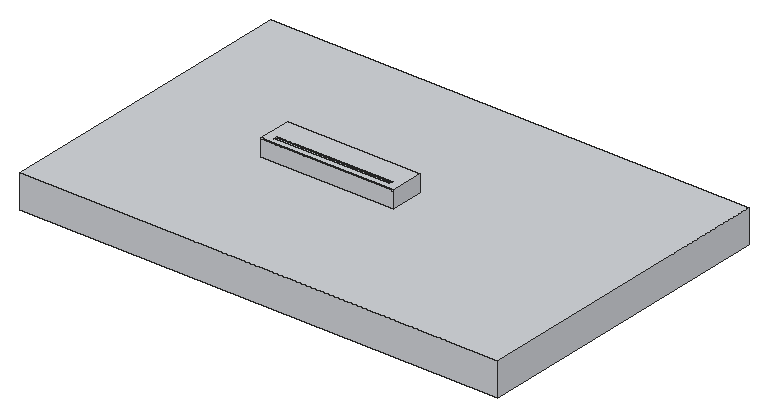
Revit family
Parameters
  Width = 1' - 0"
  URL = "www.coldspringgranite.com"
  TypicalJointSize = 0' - 0 1/4"
  StopCarborundumRight = 0' - 3"
  StopCarborundumLeft = 0' - 3"
  StoneMaterial = none
  SettingSpace = AirGap + Height  # 0' - 7 1/8"
  RightCarborundumVisibilityOn = not(RightCarborundumVisibilityOff)  # no
  RightCarborundumVisibilityOff = StopCarborundumRight > 0' 0"  # yes
  Product Name = "Stair Tread Stone for Cubic Application - Square Front Edge with One Carborundum Strip"
  Product Documentation Link = "http://www.coldspringgranite.com/BIM_Families/Family_Detail/Stair_Tread_Stone_for_Cubic_Application_–_Square_Front_Edge_with_One_Carborundum_Strip/"
  PhoneNumber = "800-551-7502"
  Notes = ""
  NosingRadius = 0' - 0 1/4"
  Model = "N/A"
  Manufacturer = "Cold Spring Granite Company"
  Low Emitting Material = yes
  Low Emitting Finish = yes
  Location = "17482 Granite West Road, Cold Spring, MN 56320-4578"
  Length = 4' - 0"
  LeftCarborundumVisibilityOff = StopCarborundumLeft > 0' 0"  # yes
  LEED Credit = ""
  Keynote = "096340"
  JointRightOff = no
  JointRight = if(JointRightOff, 0' 0", TypicalJointSize / 2)  # 0' - 0 1/8"
  JointLeftOff = no
  JointLeft = if(JointLeftOff, 0' 0", TypicalJointSize / 2)  # 0' - 0 1/8"
  Height = 0' - 6 1/8"
  HeadSize = 0' - 6"
  Description = "Stone Stair Tread Cubic Square Single Carborundum"
  Default Elevation = 0' - 0"
  CarborundumWidth = 0' - 1 1/2"
  LeftCarborundumVisibilityOn = not(LeftCarborundumVisibilityOff)  # no
  CarborundumSetBack = 0' - 2"
  CarborundumDepth = 0' - 0 1/4"
  BackJointWidth = 0' - 3"
  Assembly Code = "C2010100"
  AirGap = 0' - 1"
  ADA Compliant = yes
Reference planes (in)
  plane 1 "Center (Front/Back)": y = 0
  plane 2: z = 0
  plane 3 "Center (Left/Right)": x = 0
  plane 4 "StoneLeft": x = 0.125
  plane 5 "StoneRight": x = 47.875
  plane 6 "Right": x = 48
  plane 7 "CarborundumLeft": x = 3.125
  plane 8 "CarborundumRight": x = 44.875
  plane 9 "StoneBack": y = 12
  plane 10 "StoneFace": z = 7.125
  plane 11 "CarborundumBottom": z = 6.875
  plane 12 "HeadBottom": z = 1.125
  plane 13 "StoneBottom": z = 1
  plane 14 "CarborundumFront": y = 2
  plane 15 "CarborundumBack": y = 3.5
  plane 16 "BackJoint": y = 3
Forms (in)
  Extrusion 1, solid
    sketch origin (0, 0, 0) x (1, 0, 0) y (0, 1, 0)
      loop
        line (-48, 64.5) -> (-48, -48) -> (124.0595, -48) -> (124.0595, 64.5) -> (-48, 64.5)
    from 0 to -12
  Extrusion 2, solid, material <- "StoneMaterial", detail levels medium+fine
    sketch origin (0, 0, 0) x (0, 1, 0) y (0, 0, 1)
      loop
        line (12, 7.125) -> (0.25, 7.125)
        arc (0.25, 7.125) -> (0.07322, 7.05178) -> (0, 6.875) r 0.25
        line (0, 6.875) -> (0, 1) -> (12, 1) -> (12, 7.125)
    from 0.125 to 47.875
  Extrusion 3, void
    sketch origin (0, 0, 0) x (0, 1, 0) y (0, 0, 1)
      loop
        line (3.5, 7.125) -> (2, 7.125) -> (2, 6.875) -> (3.5, 6.875) -> (3.5, 7.125)
    from 3.125 to 44.875
  Extrusion 4, void
    sketch origin (0, 0, 0) x (0, 1, 0) y (0, 0, 1)
      loop
        line (3, 1.125) -> (0, 1.125) -> (0, 0) -> (3, 0) -> (3, 1.125)
    from 0.125 to 47.875
  Extrusion 5, solid, material <- "StoneMaterial", detail levels coarse
    sketch origin (0, 0, 0) x (0, 1, 0) y (0, 0, 1)
      loop
        line (12, 7.125) -> (0, 7.125) -> (0, 1) -> (12, 1) -> (12, 7.125)
    from 0 to 48
Cuts and joins
  Extrusion 3, Extrusion 4 cuts Extrusion 2
Lines and regions (in)
  Masking region 1, detail levels coarse
    outline origin (0, 0, 0) x (1, 0, 0) y (0, 1, 0)
      loop
        line (0, 12) -> (0, 0) -> (48, 0) -> (48, 12) -> (0, 12)
  Masking region 2, detail levels medium+fine
    outline origin (0, 0, 0) x (1, 0, 0) y (0, 1, 0)
      loop
        line (0.125, 12) -> (0.125, 0) -> (47.875, 0) -> (47.875, 12) -> (0.125, 12)
  Masking region 3, detail levels coarse
    outline origin (0, 0, 0) x (0, 1, 0) y (0, 0, 1)
      loop
        line (12, 7.125) -> (0, 7.125) -> (0, 1) -> (12, 1) -> (12, 7.125)
  Masking region 4, detail levels fine
    outline origin (0, 0, 0) x (0, 1, 0) y (0, 0, 1)
      loop
        line (12, 1) -> (12, 7.125) -> (3.5, 7.125) -> (3.5, 6.875) -> (2, 6.875) -> (2, 7.125) -> (0.25, 7.125)
        arc (0.25, 7.125) -> (0.07322, 7.05178) -> (0, 6.875) r 0.25
        line (0, 6.875) -> (0, 1.125) -> (3, 1.125) -> (3, 1) -> (12, 1)
  Masking region 5, detail levels coarse
    outline origin (0, 0, 0) x (1, 0, 0) y (0, 0, 1)
      loop
        line (0, 7.125) -> (0, 1) -> (48, 1) -> (48, 7.125) -> (0, 7.125)
  Masking region 6, detail levels medium+fine
    outline origin (0, 0, 0) x (1, 0, 0) y (0, 0, 1)
      loop
        line (0.125, 7.125) -> (0.125, 1.125) -> (47.875, 1.125) -> (47.875, 7.125) -> (0.125, 7.125)
  Masking region 7, visible <- "LeftCarborundumVisibilityOff", detail levels medium
    outline origin (0, 0, 0) x (0, 1, 0) y (0, 0, 1)
      loop
        line (12, 1) -> (12, 7.125) -> (0.25, 7.125)
        arc (0.25, 7.125) -> (0.07322, 7.05178) -> (0, 6.875) r 0.25
        line (0, 6.875) -> (0, 1.125) -> (3, 1.125) -> (3, 1) -> (12, 1)
  Masking region 8, visible <- "LeftCarborundumVisibilityOn", detail levels medium
    outline origin (0, 0, 0) x (0, 1, 0) y (0, 0, 1)
      loop
        line (12, 1) -> (12, 7.125) -> (3.5, 7.125) -> (3.5, 6.875) -> (2, 6.875) -> (2, 7.125) -> (0.25, 7.125)
        arc (0.25, 7.125) -> (0.07322, 7.05178) -> (0, 6.875) r 0.25
        line (0, 6.875) -> (0, 1.125) -> (3, 1.125) -> (3, 1) -> (12, 1)
  Masking region 9, visible <- "RightCarborundumVisibilityOn", detail levels medium
    outline origin (48, 0, 0) x (0, 1, 0) y (0, 0, 1)
      loop
        arc (0.25, 7.125) -> (0.07322, 7.05178) -> (0, 6.875) r 0.25
        line (0, 6.875) -> (0, 1.125) -> (3, 1.125) -> (3, 1) -> (12, 1) -> (12, 7.125) -> (3.5, 7.125) -> (3.5, 6.875) -> (2, 6.875) -> (2, 7.125) -> (0.25, 7.125)
  Masking region 10, visible <- "RightCarborundumVisibilityOff", detail levels medium
    outline origin (48, 0, 0) x (0, 1, 0) y (0, 0, 1)
      loop
        arc (0.25, 7.125) -> (0.07322, 7.05178) -> (0, 6.875) r 0.25
        line (0, 6.875) -> (0, 1.125) -> (3, 1.125) -> (3, 1) -> (12, 1) -> (12, 7.125) -> (0.25, 7.125)
  symbolic lines, detail levels medium+fine
    curve 1: line (3.125, 3.5, 0) -> (44.875, 3.5, 0)
    curve 2: line (3.125, 2, 0) -> (3.125, 3.5, 0)
    curve 3: line (44.875, 2, 0) -> (3.125, 2, 0)
    curve 4: line (44.875, 3.5, 0) -> (44.875, 2, 0)
Dimensions and locks (in)
  "Length": plane 3 "Center (Left/Right)" to plane 6 "Right"
  "JointLeft": plane 3 "Center (Left/Right)" to plane 4 "StoneLeft"
  "JointRight": plane 5 "StoneRight" to plane 6 "Right"
  "Width": plane 1 "Center (Front/Back)" to plane 9 "StoneBack"
  "StopCarborundumLeft": plane 7 "CarborundumLeft" to plane 4 "StoneLeft"
  "StopCarborundumRight": plane 5 "StoneRight" to plane 8 "CarborundumRight"
  "Height": plane 10 "StoneFace" to plane 13 "StoneBottom"
  "SettingSpace": plane 10 "StoneFace" to plane 2
  "CarborundumDepth": plane 10 "StoneFace" to plane 11 "CarborundumBottom"
  "CarborundumSetBack": plane 14 "CarborundumFront" to plane 1 "Center (Front/Back)"
  "CarborundumWidth": plane 15 "CarborundumBack" to plane 14 "CarborundumFront"
  "HeadSize": plane 10 "StoneFace" to plane 12 "HeadBottom"
  "BackJointWidth": plane 16 "BackJoint" to plane 1 "Center (Front/Back)"
  "NosingRadius": radius of Extrusion 2 sketch curve
  aligned and locked: Extrusion 1 to plane 2
  aligned and locked: level to Extrusion 1
  aligned and locked: Extrusion 2 sketch curve to plane 10 "StoneFace"
  aligned and locked: Extrusion 2 sketch curve to plane 9 "StoneBack"
  aligned and locked: plane 13 "StoneBottom" to Extrusion 2 sketch curve
  aligned and locked: Extrusion 2 sketch curve to plane 1 "Center (Front/Back)"
  aligned and locked: plane 5 "StoneRight" to Extrusion 2
  aligned and locked: Extrusion 2 to plane 4 "StoneLeft"
  aligned and locked: Extrusion 3 sketch curve to plane 10 "StoneFace"
  aligned and locked: Extrusion 3 sketch curve to plane 15 "CarborundumBack"
  aligned and locked: plane 11 "CarborundumBottom" to Extrusion 3 sketch curve
  aligned and locked: plane 14 "CarborundumFront" to Extrusion 3 sketch curve
  aligned: Extrusion 3 to plane 4 "StoneLeft"
  aligned: plane 6 "Right" to Extrusion 3
  aligned and locked: Extrusion 3 to plane 7 "CarborundumLeft"
  aligned and locked: plane 8 "CarborundumRight" to Extrusion 3
  aligned and locked: plane 16 "BackJoint" to Extrusion 4 sketch curve
  aligned and locked: plane 2 to Extrusion 4 sketch curve
  aligned and locked: Extrusion 4 sketch curve to plane 1 "Center (Front/Back)"
  aligned and locked: Extrusion 4 sketch curve to plane 12 "HeadBottom"
  aligned and locked: plane 5 "StoneRight" to Extrusion 4
  aligned and locked: Extrusion 4 to plane 4 "StoneLeft"
  aligned and locked: Extrusion 5 sketch curve to plane 10 "StoneFace"
  aligned and locked: Extrusion 5 sketch curve to plane 9 "StoneBack"
  aligned and locked: plane 13 "StoneBottom" to Extrusion 5 sketch curve
  aligned and locked: Extrusion 5 sketch curve to plane 1 "Center (Front/Back)"
  aligned and locked: plane 6 "Right" to Extrusion 5
  aligned and locked: Masking region 1 sketch curve to plane 9 "StoneBack"
  aligned and locked: plane 3 "Center (Left/Right)" to Masking region 1 sketch curve
  aligned and locked: Masking region 1 sketch curve to plane 1 "Center (Front/Back)"
  aligned and locked: Masking region 1 sketch curve to plane 6 "Right"
  aligned and locked: Masking region 2 sketch curve to plane 9 "StoneBack"
  aligned and locked: plane 4 "StoneLeft" to Masking region 2 sketch curve
  aligned and locked: Masking region 2 sketch curve to plane 5 "StoneRight"
  aligned and locked: Masking region 2 sketch curve to plane 1 "Center (Front/Back)"
  aligned and locked: curve 1 to plane 15 "CarborundumBack"
  aligned and locked: plane 7 "CarborundumLeft" to curve 2
  aligned and locked: curve 4 to plane 8 "CarborundumRight"
  aligned and locked: Masking region 3 sketch curve to plane 10 "StoneFace"
  aligned and locked: Masking region 3 sketch curve to plane 9 "StoneBack"
  aligned and locked: plane 13 "StoneBottom" to Masking region 3 sketch curve
  aligned and locked: Masking region 3 sketch curve to plane 1 "Center (Front/Back)"
  aligned and locked: plane 9 "StoneBack" to Masking region 4 sketch curve
  aligned and locked: plane 10 "StoneFace" to Masking region 4 sketch curve  (x2)
  aligned and locked: plane 12 "HeadBottom" to Masking region 4 sketch curve
  aligned and locked: plane 16 "BackJoint" to Masking region 4 sketch curve
  aligned and locked: plane 15 "CarborundumBack" to Masking region 4 sketch curve
  aligned and locked: plane 14 "CarborundumFront" to Masking region 4 sketch curve
  aligned and locked: plane 11 "CarborundumBottom" to Masking region 4 sketch curve
  aligned and locked: plane 13 "StoneBottom" to Masking region 4 sketch curve
  aligned and locked: Masking region 4 sketch curve to cut or joined group of Extrusion 2, Extrusion 3, Extrusion 4
  aligned and locked: plane 3 "Center (Left/Right)" to Masking region 5 sketch curve
  aligned and locked: Masking region 5 sketch curve to plane 10 "StoneFace"
  aligned and locked: Masking region 5 sketch curve to plane 6 "Right"
  aligned and locked: plane 13 "StoneBottom" to Masking region 5 sketch curve
  aligned and locked: plane 4 "StoneLeft" to Masking region 6 sketch curve
  aligned and locked: Masking region 6 sketch curve to plane 10 "StoneFace"
  aligned and locked: plane 12 "HeadBottom" to Masking region 6 sketch curve
  aligned and locked: Masking region 6 sketch curve to plane 5 "StoneRight"
  aligned and locked: plane 9 "StoneBack" to Masking region 7 sketch curve
  aligned and locked: plane 10 "StoneFace" to Masking region 7 sketch curve
  aligned and locked: Masking region 7 sketch curve to cut or joined group of Extrusion 2, Extrusion 3, Extrusion 4
  aligned and locked: plane 12 "HeadBottom" to Masking region 7 sketch curve
  aligned and locked: plane 16 "BackJoint" to Masking region 7 sketch curve
  aligned and locked: plane 13 "StoneBottom" to Masking region 7 sketch curve
  aligned and locked: plane 9 "StoneBack" to Masking region 8 sketch curve
  aligned and locked: plane 10 "StoneFace" to Masking region 8 sketch curve  (x2)
  aligned and locked: plane 15 "CarborundumBack" to Masking region 8 sketch curve
  aligned and locked: plane 14 "CarborundumFront" to Masking region 8 sketch curve
  aligned and locked: plane 11 "CarborundumBottom" to Masking region 8 sketch curve
  aligned and locked: Masking region 8 sketch curve to cut or joined group of Extrusion 2, Extrusion 3, Extrusion 4
  aligned and locked: plane 12 "HeadBottom" to Masking region 8 sketch curve
  aligned and locked: plane 16 "BackJoint" to Masking region 8 sketch curve
  aligned and locked: plane 13 "StoneBottom" to Masking region 8 sketch curve
  aligned and locked: Masking region 9 sketch curve to cut or joined group of Extrusion 2, Extrusion 3, Extrusion 4
  aligned and locked: Masking region 9 sketch curve to plane 1 "Center (Front/Back)"
  aligned and locked: Masking region 9 sketch curve to plane 9 "StoneBack"
  aligned and locked: Masking region 9 sketch curve to plane 13 "StoneBottom"
  aligned and locked: Masking region 9 sketch curve to plane 16 "BackJoint"
  aligned and locked: Masking region 9 sketch curve to plane 12 "HeadBottom"
  aligned and locked: Masking region 9 sketch curve to plane 14 "CarborundumFront"
  aligned and locked: Masking region 9 sketch curve to plane 11 "CarborundumBottom"
  aligned and locked: Masking region 9 sketch curve to plane 15 "CarborundumBack"
  aligned and locked: Masking region 10 sketch curve to cut or joined group of Extrusion 2, Extrusion 3, Extrusion 4
  aligned and locked: Masking region 10 sketch curve to plane 1 "Center (Front/Back)"
  aligned and locked: Masking region 10 sketch curve to plane 9 "StoneBack"
  aligned and locked: Masking region 10 sketch curve to plane 13 "StoneBottom"
  aligned and locked: Masking region 10 sketch curve to plane 16 "BackJoint"
  aligned and locked: Masking region 10 sketch curve to plane 12 "HeadBottom"
  aligned and locked: plane 7 "CarborundumLeft" to curve 1
  aligned and locked: plane 15 "CarborundumBack" to curve 4
  aligned and locked: plane 14 "CarborundumFront" to curve 4
  aligned and locked: plane 8 "CarborundumRight" to curve 3
  aligned and locked: Extrusion 5 to plane 3 "Center (Left/Right)"
Automatic sketch dimensions
  Extrusion 1 sketch curve to Extrusion 1 sketch curve = 14' - 4.0595"
  Extrusion 1 sketch curve to Extrusion 1 sketch curve = 9' - 4 1/2"
  Masking region 9 sketch curve to plane 10 "StoneFace" = 0' - 0"
Nested families (in)
  nested 1: "CopyRight" at (0, 0, 0), type "CopyRight"
Definition of nested family "CopyRight"
  Parameters (values of type "CopyRight")
    CopyRight = "Cold Spring Granite Company"
  Reference planes (in)
    plane 1: z = 0
